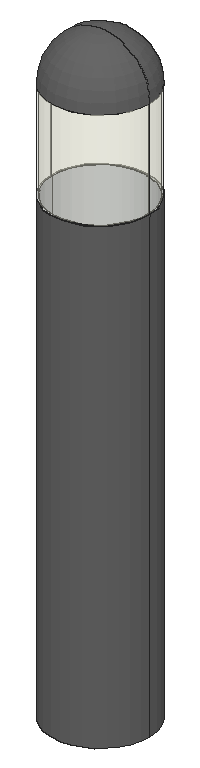
Revit family "BOL5", category Generic Models, host Floor, Revit 2024
Family settings
  Host = Floor
  Can host rebar = No
  Round Connector Dimension = Use Diameter
  Part Type = Normal
  Always vertical = Yes
  Cut with Voids When Loaded = No
  Maintain Annotation Orientation = No
  Shared = No
  Room Calculation Point = No
Parameters
  Default Elevation = 0' - 0"
Reference planes (in)
  plane 1 "Center (Front/Back)": y = 0
  plane 2: z = 0
  plane 3 "Center (Left/Right)": x = 0
Forms (in)
  Revolve 1, solid
    sketch origin (0, 0, 0) x (1, 0, 0) y (0, 0, 1)
      loop
        line (-3.49975, 32.76341) -> (-3.49975, 0) -> (-3.406, 0) -> (-3.406, 32.76341) -> (-3.49975, 32.76341)
      loop
        arc (0, 43.25) -> (-2.47013, 42.22961) -> (-3.5, 39.76341) r 3.50002
        line (-3.5, 39.76341) -> (-3.40625, 39.76341)
        arc (-3.40625, 39.76341) -> (-2.40384, 42.16332) -> (0, 43.15625) r 3.40627
        line (0, 43.15625) -> (0, 43.25)
      axis (0, 43.25) -> (0, 0)
    angle from 0 to 360
  Revolve 2, solid, material "ACRL"
    sketch origin (0, 0, 0) x (1, 0, 0) y (0, 0, 1)
      loop
        line (-3.48814, 32.76341) -> (-3.39439, 32.76341) -> (-3.39439, 39.76341) -> (-3.48814, 39.76341) -> (-3.48814, 32.76341)
      axis (0, 39.76341) -> (0, 32.76341)
    angle from 0 to 360
Dimensions and locks (in)
  equal spacing: host sketch curve, plane 1 "Center (Front/Back)", host sketch curve
  equal spacing: host sketch curve, plane 3 "Center (Left/Right)", host sketch curve
  host sketch curve to host sketch curve = 10' - 0"  (x2)
  aligned and locked: level to plane 2
